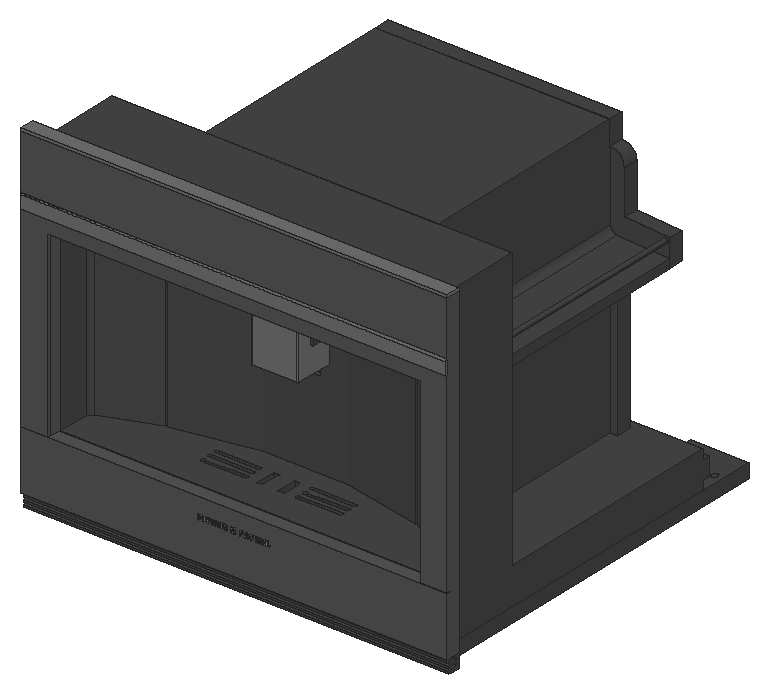
Revit family "FP_Revit_18_EB60DSXBB1_w_TK480NDB1_Coffee_Maker_w_60cm_Trimkit_90000810A", category Specialty Equipment, Revit 2018
Family settings
  Round Connector Dimension = Use Diameter
  Part Type = Normal
  OmniClass Number = 23.40.40.14.17.31
  OmniClass Title = Small Specialized Cooking Equipment
  Work Plane-Based = No
  Always vertical = Yes
  Cut with Voids When Loaded = Yes
  Shared = No
  Room Calculation Point = No
Parameters (values of type "EB60DSXBB1 + TK480NDB1")
  Visibility - Clearance Required = yes
  URL = "www.fisherpaykel.com"
  Product - Width = 596 mm  # constant formula
  Product - Height = 478 mm  # constant formula
  Product - Depth = 614 mm  # constant formula
  Model = "EB60DSXBB1 + TK480NDB1"
  Material - Trim = Fisher & Paykel - Aluminium, Dark
  Material - Glass = Fisher & Paykel - Glass, Black
  Material - Body = Fisher & Paykel - Black
  Manufacturer = "Fisher & Paykel Appliances"
  FFL Offset [instance] = 900 mm
  Description = "60cm Coffee Maker + 60cm Trimkit"
  Connector Description - Electrical = "220-240 V, 50 Hz, 6.1 A"
  Chassis - Width = 560 mm  # constant formula
  Chassis - Height = 466 mm  # constant formula
  Chassis - Depth = 542 mm  # constant formula
  Cavity - Width = 560 mm  # constant formula
  Cavity - Height = 480 mm  # constant formula
  Cavity - Depth = 560 mm  # constant formula
Reference planes
  plane 1 "Datum": y = 0
  plane 2: z = 0
  plane 3 "Center (Left/Right)": x = 0
  plane 4: z = 1380
  plane 5: z = 1378
  plane 6 "Product LHS": x = -298
  plane 7 "Product RHS": x = 298
  plane 8 "Product - Depth": y = 0
  plane 9 "Cavity LHS": x = -300
  plane 10 "Cavity RHS": x = 300
  plane 11 "Cavity - Depth": y = 560
  plane 12 "Chassis - Height": z = 0
  plane 13 "Product Depth": y = 542
  plane 14 "FFL Offset": z = 900
  plane 15 "Front": y = -20
Forms (mm)
  Extrusion 1, void
    sketch origin (0, 0, 0) x (0, 1, 0) y (0, 0, 1)
      loop
        line (-20, 1380) -> (-20, 900) -> (0, 900) -> (0, 1380) -> (-20, 1380)
    from -300 to 300
  Extrusion 2, void
    sketch origin (0, 0, 0) x (0, 1, 0) y (0, 0, 1)
      loop
        line (560, 1380) -> (0, 1380) -> (0, 900) -> (560, 900) -> (560, 1380)
    from -280 to 280
Text (mm)
  text "Due to ongoing product development, product details are subject to change without notice. \nPlease always refer to www.fisherpaykel.com for the most current product information. \n© Fisher & Paykel 2020" at (41.04, -413.295, 0), in view "Ref. Level (Plan)"
Dimensions and locks
  equal spacing: plane 6 "Product LHS", plane 3 "Center (Left/Right)", plane 7 "Product RHS"
  "Product - Width": plane 6 "Product LHS" to plane 7 "Product RHS"
  equal spacing: plane 9 "Cavity LHS", plane 3 "Center (Left/Right)", plane 10 "Cavity RHS"
  locked: plane 9 "Cavity LHS" to plane 10 "Cavity RHS" at 600
  "Chassis - Depth": plane 1 "Datum" to plane 13 "Product Depth"
  "FFL Offset": plane 14 "FFL Offset" to level
  "Cavity - Depth": plane 1 "Datum" to plane 11 "Cavity - Depth"
  "Product - Height": plane 5 to plane 14 "FFL Offset"
  "Cavity - Height": plane 4 to plane 14 "FFL Offset"
  "Cavity - Width": Extrusion 2 to Extrusion 2
  aligned and locked: level to plane 2
  aligned and locked: nested 2 to plane 8 "Product - Depth"
  aligned and locked: Extrusion 1 sketch curve to plane 8 "Product - Depth"
  aligned and locked: plane 14 "FFL Offset" to Extrusion 1 sketch curve
  aligned and locked: Extrusion 1 sketch curve to plane 4
  aligned and locked: Extrusion 1 to plane 10 "Cavity RHS"
  aligned and locked: plane 9 "Cavity LHS" to Extrusion 1
  aligned and locked: Extrusion 2 sketch curve to plane 8 "Product - Depth"
  aligned and locked: Extrusion 2 sketch curve to plane 14 "FFL Offset"
  aligned and locked: plane 11 "Cavity - Depth" to Extrusion 2 sketch curve
  aligned and locked: Extrusion 2 sketch curve to nested 2
  aligned and locked: nested 1 to plane 8 "Product - Depth"
  aligned and locked: Extrusion 1 to nested 1
  aligned and locked: plane 15 "Front" to Extrusion 1
Automatic sketch dimensions
  Extrusion 1 sketch curve to Extrusion 1 sketch curve = 20 mm
Nested families
  nested 1: "FP_Revit_18_EB60DSXBB1_Coffee_Maker_90000810A" at (0, 0, 20), FFL Offset <- "FFL Offset", type "EB60DSXBB1"
    with FFL Offset 900 mm
  nested 2: "FP_Revit_18_TK480ND_Trimkits_90001188A" at (0, 0, 0), FFL Offset <- "FFL Offset", type "TK480NDB1"
    with FFL Offset 900 mm
Connectors
  electrical at (95.857, 430.81, 1063), driven by "Connector Description - Electrical"
    settings: on nested 1, index 1, voltage 230 V, apparent load 0 VA, apparent load phase1 0 VA, apparent load phase2 0 VA, apparent load phase3 0 VA, power factor 1, load classification "Other", number of poles 1, system type 30, power factor state 1, is connector primary yes, connector utility no, sub classification motor no, connector description "220-240 V, 50 Hz, 6.1 A"
Definition of nested family "FP_Revit_18_EB60DSXBB1_Coffee_Maker_90000810A"
  Parameters (values of type "EB24DSXB1")
    Visibility - Clearance Required = yes
    URL = "www.fisherpaykel.com"
    Product - Width = 596 mm  # constant formula
    Product - Height = 458 mm  # constant formula
    Product - Depth = 480 mm  # constant formula
    Model = "EB24DSXB1"
    Material - Trim = none
    Material - Glass = none
    Material - Body = none
    Manufacturer = "Fisher & Paykel Appliances"
    FFL Offset [instance] = 860 mm
    Description = "24cm Coffee Maker"
    Connector Description - Electrical = "120 V, 60 Hz, 11.25 A"
    Chassis - Width = 560 mm  # constant formula
    Chassis - Height = 445 mm  # constant formula
    Chassis - Depth = 460 mm  # constant formula
    Cavity - Width = 600 mm  # constant formula
    Cavity - Height = 460 mm  # constant formula
    Cavity - Depth = 545 mm  # constant formula
  Types (4, lengths in mm): name | Model | Description | Connector Description - Electrical
    EB60DSXBB1 | "EB60DSXBB1" | "60cm Coffee Maker" | "220-240 V, 50 Hz, 6.1 A"
    EB60DSXB2 | "EB60DSXB2" | "60cm Coffee Maker" | "220-240 V, 50 Hz, 6.1 A"
    EB24DSXBB1 | "EB24DSXBB1" | "24cm Coffee Maker" | "120 V, 60 Hz, 11.25 A"
    EB24DSXB1 | "EB24DSXB1" | "24cm Coffee Maker" | "120 V, 60 Hz, 11.25 A"
  Reference planes
    plane 1 "Center (Front/Back)": y = 0
    plane 2: z = 0
    plane 3 "Center (Left/Right)": x = 0
    plane 4: z = 1320
    plane 5: z = 1318
    plane 6 "Product LHS": x = -298
    plane 7 "Product RHS": x = 298
    plane 8 "Cavity LHS": x = -300
    plane 9 "Cavity RHS": x = 300
    plane 10 "Cavity - Depth": y = 545
    plane 11 "Front Face": y = -20
    plane 12 "Product Depth": y = 460
    plane 13 "FFL Offset": z = 860
  Forms (mm)
    Extrusion 1, solid, material <- "Material - Glass", detail levels fine
      sketch origin (0, 0, 915) x (0, 1, 0) y (0, 0, 1)
        loop
          line (0, -54) -> (0, 400) -> (-18.19, 400)
          arc (-18.19, 400) -> (-19.179, 399.792) -> (-20, 399.202) r 2.451
          line (-20, 399.202) -> (-20, 28.9) -> (-13, 28.9) -> (-13, 27.85) -> (-20, 27.85) -> (-20, -54) -> (0, -54)
      from -298 to 298
    Extrusion 2, solid, material <- "Material - Trim", detail levels fine
      sketch origin (0, 0, 0) x (0, 1, 0) y (0, 0, 1)
        loop
          line (0, 1318) -> (-20, 1318) -> (-20, 1315) -> (0, 1315) -> (0, 1318)
      from -298 to 298
    Extrusion 3, solid, material <- "Material - Trim", detail levels fine
      sketch origin (0, 0, 915) x (0, 1, 0) y (0, 0, 1)
        loop
          line (-20, 303) -> (-20, 322.8) -> (-20.827, 322.8) -> (-21.702, 320.52) -> (-21.702, 303) -> (-20, 303)
      from -298 to 298
    Extrusion 4, solid, material <- "Material - Body"
      sketch origin (0, 0, 0) x (0, 1, 0) y (0, 0, 1)
        loop
          line (116.01, 911.9) -> (116.01, 1305) -> (0, 1305) -> (0, 860) -> (450.02, 860) -> (450.02, 872.9) -> (460, 872.9) -> (460, 898.96) -> (450.02, 898.96) -> (450.02, 911.9) -> (116.01, 911.9)
      from -280 to 280
    Extrusion 5, solid, material <- "Material - Body", detail levels fine
      sketch origin (0, 0, 915) x (1, 0, 0) y (0, 0, 1)
        loop
          circle (255.488, 264.858) r 3
        loop
          arc (187.564, 248.08) -> (180.801, 250.881) -> (178, 257.644) r 9.564
          line (178, 257.644) -> (178, 390) -> (-150, 390) -> (-150, 258.403)
          arc (-150, 258.403) -> (-152.821, 251.442) -> (-159.691, 248.408) r 10
          line (-159.691, 248.408) -> (-261.967, 245.247) -> (-261.967, 232.285) -> (-159.605, 228.24)
          arc (-159.605, 228.24) -> (-152.791, 225.178) -> (-150, 218.248) r 10
          line (-150, 218.248) -> (-150, -3.1) -> (178, -3.1) -> (178, 219.061)
          arc (178, 219.061) -> (180.801, 225.824) -> (187.564, 228.625) r 9.564
          line (187.564, 228.625) -> (261.48, 231.852) -> (261.48, 244.856) -> (187.564, 248.08)
        loop
          circle (-255.488, 265.27) r 3
      from -415.81 to -116.01
    Extrusion 6, solid, material <- "Material - Body", detail levels fine
      sketch origin (0, 0, 0) x (1, 0, 0) y (0, 0, 1)
        loop
          line (261.48, 1185.549) -> (197.977, 1189.414) -> (197.977, 1250.8)
          arc (197.977, 1250.8) -> (192.126, 1264.926) -> (178, 1270.777) r 19.977
          line (178, 1270.777) -> (178, 1305) -> (-150.023, 1305) -> (-150.023, 1270.366)
          arc (-150.023, 1270.366) -> (-164.149, 1264.514) -> (-170, 1250.389) r 19.977
          line (-170, 1250.389) -> (-170, 1189.558) -> (-261.967, 1185.943) -> (-261.967, 1147.299) -> (-170, 1143.699) -> (-170, 860) -> (-120, 860) -> (-120, 1262.538) -> (145.224, 1262.538) -> (145.224, 911.9) -> (188.072, 911.9) -> (188.072, 1143.699) -> (261.48, 1146.905) -> (261.48, 1185.549)
      from -436.81 to -415.81
    Extrusion 7, void
      sketch origin (0, 0, 0) x (1, 0, 0) y (0, 1, 0)
        loop
          line (-261, -20.25) -> (261, -20.25) -> (261, -16.15) -> (258.097, 43.307)
          arc (258.097, 43.307) -> (256.532, 47.844) -> (252.912, 50.994) r 9.287
          arc (252.912, 50.994) -> (215.2, 66.982) -> (176.484, 80.359) r 600.007
          line (176.484, 80.359) -> (176.484, 87.818) -> (173.853, 87.818) -> (173.853, 81.162)
          arc (173.853, 81.162) -> (0, 106.902) -> (-173.853, 81.162) r 600.007
          line (-173.853, 81.162) -> (-173.853, 87.818) -> (-176.484, 87.818) -> (-176.484, 80.359)
          arc (-176.484, 80.359) -> (-215.2, 66.982) -> (-252.912, 50.994) r 600.007
          arc (-252.912, 50.994) -> (-256.532, 47.844) -> (-258.097, 43.307) r 9.287
          line (-258.097, 43.307) -> (-261, -16.15) -> (-261, -20.25)
      from 942.8 to 1197.8
    Extrusion 8, void
      sketch origin (0, 0, 0) x (1, 0, 0) y (0, 1, 0)
        loop
          arc (-96.162, 73.7) -> (-99.162, 70.7) -> (-96.162, 67.7) r 3
          line (-96.162, 67.7) -> (-36.788, 67.7)
          arc (-36.788, 67.7) -> (-33.788, 70.7) -> (-36.788, 73.7) r 3
          line (-36.788, 73.7) -> (-96.162, 73.7)
        loop
          arc (-96.162, 61.7) -> (-99.162, 58.7) -> (-96.162, 55.7) r 3
          line (-96.162, 55.7) -> (-36.788, 55.7)
          arc (-36.788, 55.7) -> (-33.788, 58.7) -> (-36.788, 61.7) r 3
          line (-36.788, 61.7) -> (-96.162, 61.7)
        loop
          arc (-96.162, 49.7) -> (-99.162, 46.7) -> (-96.162, 43.7) r 3
          line (-96.162, 43.7) -> (-36.788, 43.7)
          arc (-36.788, 43.7) -> (-33.788, 46.7) -> (-36.788, 49.7) r 3
          line (-36.788, 49.7) -> (-96.162, 49.7)
        loop
          line (-19.49, 73.102) -> (-19.49, 44.102) -> (-10.49, 44.102) -> (-10.49, 73.102) -> (-19.49, 73.102)
        loop
          line (96.162, 73.7) -> (36.788, 73.7)
          arc (36.788, 73.7) -> (33.788, 70.7) -> (36.788, 67.7) r 3
          line (36.788, 67.7) -> (96.162, 67.7)
          arc (96.162, 67.7) -> (99.162, 70.7) -> (96.162, 73.7) r 3
        loop
          line (96.162, 61.7) -> (36.788, 61.7)
          arc (36.788, 61.7) -> (33.788, 58.7) -> (36.788, 55.7) r 3
          line (36.788, 55.7) -> (96.162, 55.7)
          arc (96.162, 55.7) -> (99.162, 58.7) -> (96.162, 61.7) r 3
        loop
          line (96.162, 49.7) -> (36.788, 49.7)
          arc (36.788, 49.7) -> (33.788, 46.7) -> (36.788, 43.7) r 3
          line (36.788, 43.7) -> (96.162, 43.7)
          arc (96.162, 43.7) -> (99.162, 46.7) -> (96.162, 49.7) r 3
        loop
          line (19.49, 73.102) -> (10.49, 73.102) -> (10.49, 44.102) -> (19.49, 44.102) -> (19.49, 73.102)
      from 932.9 to 942.8
    Extrusion 9, solid, material <- "Material - Body"
      sketch origin (0, 0, 0) x (1, 0, 0) y (0, 1, 0)
        loop
          line (-238.877, 57.3) -> (238.036, 57.3) -> (238.036, 116.01) -> (-238.877, 116.01) -> (-238.877, 57.3)
      from 1171.8 to 1197.8
    Extrusion 10, solid, material <- "Material - Trim"
      sketch origin (0, 0, 0) x (1, 0, 0) y (0, 1, 0)
        loop
          line (-33, 105.99) -> (-33, 52.807)
          arc (-33, 52.807) -> (-32.412, 51.388) -> (-30.993, 50.8) r 2.007
          line (-30.993, 50.8) -> (31, 50.8)
          arc (31, 50.8) -> (32.414, 51.386) -> (33, 52.8) r 2
          line (33, 52.8) -> (33, 105.99) -> (-33, 105.99)
      from 1083.8 to 1183.5
    Extrusion 11, void
      sketch origin (0, 0, 0) x (1, 0, 0) y (0, 0, 1)
        loop
          line (-19.5, 1083.8) -> (-19.5, 1061.827) -> (19.5, 1061.827) -> (19.5, 1083.8) -> (-19.5, 1083.8)
      from -115 to -105
    Extrusion 12, solid, material <- "Material - Body", detail levels fine
      sketch origin (0, 0, 0) x (1, 0, 0) y (0, 0, 1)
        loop
          line (45.9, 1172.885) -> (45.9, 1163.535) -> (47.549, 1163.535) -> (47.549, 1147.911)
          arc (47.549, 1147.911) -> (55.35, 1140.11) -> (63.15, 1147.911) r 7.801
          line (63.15, 1147.911) -> (63.15, 1163.235) -> (73.436, 1163.235) -> (73.436, 1172.885) -> (45.9, 1172.885)
      from -106.934 to -61.01
    Extrusion 13, solid, material <- "Material - Body", detail levels fine
      sketch origin (0, 0, 915) x (1, 0, 0) y (0, 0, 1)
        loop
          line (53.653, 257.885) -> (53.653, 225.297)
          arc (53.653, 225.297) -> (55.35, 225.11) -> (57.047, 225.297) r 7.805
          line (57.047, 225.297) -> (57.047, 257.885) -> (53.653, 257.885)
      from -61.01 to -47.51
    Extrusion 14, solid, material <- "Material - Body", detail levels fine
      sketch origin (0, 0, 915) x (1, 0, 0) y (0, 0, 1)
        loop
          line (115.224, 76.056) -> (75.224, 76.056) -> (75.224, 21.056) -> (115.224, 21.056) -> (115.224, 76.056)
      from -417 to -415.81
    Extrusion 15, solid, material <- "Material - Body", detail levels fine
      sketch origin (0, 0, 915) x (1, 0, 0) y (0, 0, 1)
        loop
          line (107.224, 68.056) -> (83.224, 68.056) -> (83.224, 29.056) -> (107.224, 29.056) -> (107.224, 68.056)
      from -436.81 to -417
    Extrusion 16, solid, material <- "Material - Body", detail levels fine
      sketch origin (0, 0, 0) x (1, 0, 0) y (0, 1, 0)
        loop
          circle (95.857, 430.81) r 5
      from 983.056 to 1003
    Extrusion 17, void
      sketch origin (0, 0, 915) x (0, 1, 0) y (0, 0, 1)
        loop
          line (445.9, -19.903) -> (0, -19.903) -> (0, -55) -> (445.9, -55) -> (445.9, -19.903)
      from -54 to 54
    Extrusion 18, solid, detail levels fine
      sketch origin (0, 0, 0) x (1, 0, 0) y (0, 1, 0)
        loop
          line (-210.55, 31.63) -> (-210.55, 5.8) -> (-193.27, 5.8) -> (-193.27, 31.63) -> (-210.55, 31.63)
        loop
          line (-203.25, 13.924) -> (-203.25, 14.725)
          arc (-203.25, 14.725) -> (-201.75, 22.856) -> (-200.25, 14.725) r 4.204
          line (-200.25, 14.725) -> (-200.25, 13.924)
          arc (-200.25, 13.924) -> (-201.75, 23.687) -> (-203.25, 13.924) r 4.997
        loop
          line (-202.15, 17.61) -> (-202.15, 12.8) -> (-201.35, 12.8) -> (-201.35, 17.61) -> (-202.15, 17.61)
      from 1196.9 to 1197.8
    Extrusion 19, solid, visible <- "Visibility - Clearance Required", detail levels coarse
      sketch origin (0, 0, 0) x (1, 0, 0) y (0, 1, 0)
        loop
          line (-300, 0) -> (-300, -20) -> (300, -20) -> (300, 0) -> (-300, 0)
      from 860 to 1320
    Extrusion 20, solid, visible <- "Visibility - Clearance Required", detail levels coarse
      sketch origin (0, 0, 0) x (1, 0, 0) y (0, 1, 0)
        loop
          line (-280, 0) -> (280, 0) -> (280, 545) -> (-280, 545) -> (-280, 0)
      from 860 to 1310
    Extrusion 21, solid, material <- "Material - Body", detail levels coarse+medium
      sketch origin (0, -20, 915) x (-1, 0, 0) y (0, 0, 1)
        loop
          line (-197.977, 274.414) -> (-261.48, 274.414) -> (-261.48, 228.699) -> (-188.072, 228.699) -> (-188.072, -3.1) -> (170, -3.1) -> (170, 228.699) -> (261.967, 228.699) -> (261.967, 274.558) -> (170, 274.558) -> (170, 390.05) -> (-197.977, 390.05) -> (-197.977, 274.414)
      from 136.01 to 456.81
    Extrusion 22, solid, material <- "Material - Glass", detail levels coarse+medium
      sketch origin (0, 0, 915) x (1, 0, 0) y (0, 0, 1)
        loop
          line (-298, -54) -> (298, -54) -> (298, 403) -> (-298, 403) -> (-298, -54)
        loop
          line (261, 282.85) -> (-261, 282.85) -> (-261, 27.85) -> (261, 27.85) -> (261, 282.85)
      from 0 to 20
    Extrusion 23, void
      sketch origin (0, 0, 0) x (1, 0, 0) y (0, 1, 0)
        loop
          line (-280, 545) -> (-280, 0) -> (280, 0) -> (280, 545) -> (-280, 545)
      from 860 to 1310
    Extrusion 24, void
      sketch origin (0, 0, 0) x (1, 0, 0) y (0, 1, 0)
        loop
          line (-300, 0) -> (-300, -20) -> (300, -20) -> (300, 0) -> (-300, 0)
      from 860 to 1320
  Cuts and joins
    Extrusion 7 cuts Extrusion 1
    Extrusion 7, Extrusion 8, Extrusion 11, Extrusion 17 cuts Extrusion 4
    joined: Extrusion 4, Extrusion 9
  Lines and regions (mm)
    model lines, detail levels medium+fine
      curve 1: line (-47, -20, 1293.952) -> (47, -20, 1293.952)
      curve 2: line (-47, -20, 1240.952) -> (-47, -20, 1293.952)
      curve 3: line (47, -20, 1240.952) -> (-47, -20, 1240.952)
      curve 4: line (47, -20, 1293.952) -> (47, -20, 1240.952)
  Text (mm)
    text "Due to ongoing product development, product details are subject to change without notice. \nPlease always refer to www.fisherpaykel.com for the most current product information. \n© Fisher & Paykel 2020" at (41.04, -248.295, 0), in view "Ref. Level (Plan)"
  Dimensions and locks
    equal spacing: plane 6 "Product LHS", plane 3 "Center (Left/Right)", plane 7 "Product RHS"
    "Product - Width": plane 6 "Product LHS" to plane 7 "Product RHS"
    equal spacing: plane 8 "Cavity LHS", plane 3 "Center (Left/Right)", plane 9 "Cavity RHS"
    "Cavity - Width": plane 8 "Cavity LHS" to plane 9 "Cavity RHS"
    "Cavity - Depth": plane 10 "Cavity - Depth" to plane 1 "Center (Front/Back)"
    plane 11 "Front Face" to plane 1 "Center (Front/Back)" = 20 mm
    "Chassis - Depth": plane 1 "Center (Front/Back)" to plane 12 "Product Depth"
    "Product - Depth": plane 12 "Product Depth" to plane 11 "Front Face"
    "Chassis - Width": cut or joined group of Extrusion 4, Extrusion 7, Extrusion 8, Extrusion 9, Extrusion 11, Extrusion 17 to cut or joined group of Extrusion 4, Extrusion 7, Extrusion 8, Extrusion 9, Extrusion 11, Extrusion 17
    "FFL Offset": plane 13 "FFL Offset" to level
    "Chassis - Height": cut or joined group of Extrusion 4, Extrusion 7, Extrusion 8, Extrusion 9, Extrusion 11, Extrusion 17 to plane 13 "FFL Offset"
    "Product - Height": plane 5 to plane 13 "FFL Offset"
    "Cavity - Height": plane 4 to plane 13 "FFL Offset"
    locked: Extrusion 23 to plane 13 "FFL Offset" at 450
    locked: plane 5 to Extrusion 21 at 12.95
    locked: Extrusion 3 to plane 13 "FFL Offset" at 358
    locked: plane 13 "FFL Offset" to cut or joined group of Extrusion 1, Extrusion 7 at 1
    locked: plane 13 "FFL Offset" to cut or joined group of Extrusion 4, Extrusion 7, Extrusion 8, Extrusion 9, Extrusion 11, Extrusion 17 at 82.8
    locked: plane 13 "FFL Offset" to Extrusion 22 sketch curve at 337.85
    locked: cut or joined group of Extrusion 4, Extrusion 7, Extrusion 8, Extrusion 9, Extrusion 11, Extrusion 17 to plane 13 "FFL Offset" at 337.8
    locked: cut or joined group of Extrusion 4, Extrusion 7, Extrusion 8, Extrusion 9, Extrusion 11, Extrusion 17 to plane 13 "FFL Offset" at 51.9
    locked: plane 5 to Extrusion 3 at 100
    locked: plane 5 to Extrusion 22 at 120.15
    locked: plane 5 to Extrusion 22 at 375.15
    locked: Extrusion 16 to plane 13 "FFL Offset" at 143
    locked: cut or joined group of Extrusion 4, Extrusion 7, Extrusion 8, Extrusion 9, Extrusion 11, Extrusion 17 to cut or joined group of Extrusion 4, Extrusion 7, Extrusion 8, Extrusion 9, Extrusion 11, Extrusion 17 at 9.9
    locked: nested 1 to plane 13 "FFL Offset" at 61.04
    locked: Extrusion 10 to plane 13 "FFL Offset" at 323.5
    locked: Extrusion 10 to plane 13 "FFL Offset" at 223.8
    locked: cut or joined group of Extrusion 4, Extrusion 7, Extrusion 8, Extrusion 9, Extrusion 11, Extrusion 17 to plane 13 "FFL Offset" at 201.827
    locked: cut or joined group of Extrusion 4, Extrusion 7, Extrusion 8, Extrusion 9, Extrusion 11, Extrusion 17 to plane 13 "FFL Offset" at 311.8
    locked: Extrusion 12 to plane 13 "FFL Offset" at 312.885
    locked: Extrusion 22 to Extrusion 18 at 0.95
    locked: plane 5 to Extrusion 23 at 8
    locked: Extrusion 17 sketch curve to plane 13 "FFL Offset" at 35.097
    plane 5 to curve 3 = 77.048 mm
    locked: plane 5 to curve 1 at 24.048
    locked: Extrusion 15 to plane 13 "FFL Offset" at 84.056
    locked: Extrusion 15 to plane 13 "FFL Offset" at 123.056
    locked: plane 5 to curve 3 at 77.048
    aligned and locked: level to plane 2
    aligned and locked: Extrusion 3 to plane 7 "Product RHS"
    aligned and locked: plane 6 "Product LHS" to Extrusion 3
    aligned and locked: Extrusion 2 to plane 7 "Product RHS"
    aligned and locked: plane 6 "Product LHS" to Extrusion 2
    aligned and locked: plane 6 "Product LHS" to Extrusion 1
    aligned and locked: Extrusion 1 to plane 7 "Product RHS"
    aligned and locked: plane 9 "Cavity RHS" to Extrusion 19 sketch curve
    aligned and locked: Extrusion 19 sketch curve to plane 8 "Cavity LHS"
    aligned and locked: plane 1 "Center (Front/Back)" to Extrusion 19 sketch curve
    aligned and locked: Extrusion 5 to cut or joined group of Extrusion 4, Extrusion 7, Extrusion 8, Extrusion 9, Extrusion 11, Extrusion 17
    aligned and locked: Extrusion 5 to Extrusion 4
    aligned and locked: Extrusion 6 to Extrusion 5
    aligned and locked: plane 4 to Extrusion 24
    aligned and locked: plane 5 to Extrusion 2
    aligned and locked: Extrusion 24 to Extrusion 19
    aligned and locked: plane 5 to Extrusion 22 sketch curve
    aligned and locked: Extrusion 21 to Extrusion 5
    aligned and locked: Extrusion 5 to Extrusion 6
    aligned and locked: Extrusion 8 to Extrusion 7
    aligned and locked: Extrusion 11 to Extrusion 10
    aligned and locked: cut or joined group of Extrusion 1, Extrusion 7 to Extrusion 18
    aligned and locked: Extrusion 19 to Extrusion 17
    aligned and locked: plane 13 "FFL Offset" to Extrusion 4 sketch curve
    aligned and locked: Extrusion 4 to Extrusion 17
    aligned and locked: Extrusion 23 to cut or joined group of Extrusion 4, Extrusion 7, Extrusion 8, Extrusion 9, Extrusion 11, Extrusion 17
    aligned and locked: cut or joined group of Extrusion 4, Extrusion 7, Extrusion 8, Extrusion 9, Extrusion 11, Extrusion 17 to Extrusion 6
    aligned and locked: Extrusion 24 to cut or joined group of Extrusion 4, Extrusion 7, Extrusion 8, Extrusion 9, Extrusion 11, Extrusion 17
    aligned and locked: Extrusion 20 to Extrusion 23
    aligned and locked: Extrusion 20 to Extrusion 6
    aligned and locked: Extrusion 7 to Extrusion 9
    aligned and locked: Extrusion 16 to Extrusion 15
  Automatic sketch dimensions
    Extrusion 3 sketch curve to Extrusion 3 sketch curve = 17.52 mm
    Extrusion 3 sketch curve to Extrusion 3 sketch curve = 0.875 mm
    Extrusion 3 sketch curve to Extrusion 3 sketch curve = 0.827 mm
    Extrusion 3 sketch curve to Extrusion 3 sketch curve = 2.28 mm
    Extrusion 7 sketch curve to Extrusion 7 sketch curve = 0 mm  (x4)
    Extrusion 7 sketch curve to plane 3 "Center (Left/Right)" = 0 mm
    Extrusion 7 sketch curve to plane 6 "Product LHS" = 124.147 mm
    Extrusion 7 sketch curve to Extrusion 7 sketch curve = 2.63 mm  (x2)
    Extrusion 7 sketch curve to plane 6 "Product LHS" = 49.167 mm
    Extrusion 7 sketch curve to Extrusion 7 sketch curve = 9.264 mm  (x2)
    Extrusion 7 sketch curve to plane 6 "Product LHS" = 37 mm
    plane 7 "Product RHS" to Extrusion 7 sketch curve = 124.147 mm
    plane 7 "Product RHS" to Extrusion 7 sketch curve = 49.167 mm
    plane 1 "Center (Front/Back)" to Extrusion 7 sketch curve = 16.15 mm
    plane 7 "Product RHS" to Extrusion 7 sketch curve = 37 mm
    plane 1 "Center (Front/Back)" to Extrusion 7 sketch curve = 493.105 mm
    Extrusion 7 sketch curve to plane 1 "Center (Front/Back)" = 42.65 mm  (x2)
    Extrusion 7 sketch curve to Extrusion 7 sketch curve = 0.657 mm  (x2)
    Extrusion 7 sketch curve to plane 1 "Center (Front/Back)" = 80.359 mm  (x2)
    Extrusion 7 sketch curve to Extrusion 7 sketch curve = 0.803 mm
    Extrusion 7 sketch curve to Extrusion 7 sketch curve = 6.656 mm  (x2)
    Extrusion 7 sketch curve to Extrusion 7 sketch curve = 4.1 mm  (x2)
    Extrusion 8 sketch curve to plane 3 "Center (Left/Right)" = 96.162 mm
    Extrusion 8 sketch curve to Extrusion 8 sketch curve = 0 mm  (x9)
    Extrusion 8 sketch curve to plane 3 "Center (Left/Right)" = 36.788 mm
    Extrusion 8 sketch curve to Extrusion 8 sketch curve = 17.298 mm  (x3)
    Extrusion 8 sketch curve to Extrusion 8 sketch curve = 9 mm  (x2)
    plane 3 "Center (Left/Right)" to Extrusion 8 sketch curve = 10.49 mm
    Extrusion 8 sketch curve to Extrusion 8 sketch curve = 59.375 mm
    Extrusion 8 sketch curve to plane 1 "Center (Front/Back)" = 43.7 mm  (x2)
    Extrusion 8 sketch curve to Extrusion 8 sketch curve = 0.402 mm
    Extrusion 8 sketch curve to Extrusion 8 sketch curve = 3 mm  (x6)
    Extrusion 8 sketch curve to Extrusion 8 sketch curve = 6 mm  (x4)
    Extrusion 8 sketch curve to Extrusion 8 sketch curve = 0.598 mm
    Extrusion 10 sketch curve to Extrusion 10 sketch curve = 2.007 mm
    Extrusion 10 sketch curve to Extrusion 10 sketch curve = 53.19 mm
    Extrusion 11 sketch curve to plane 3 "Center (Left/Right)" = 19.5 mm
    plane 3 "Center (Left/Right)" to Extrusion 11 sketch curve = 19.5 mm
    level to Extrusion 11 sketch curve = 1061.827 mm
    Extrusion 11 sketch curve to Extrusion 11 sketch curve = 21.973 mm
    Extrusion 12 sketch curve to Extrusion 12 sketch curve = 1.649 mm
    Extrusion 12 sketch curve to Extrusion 12 sketch curve = 7.801 mm
    Extrusion 12 sketch curve to Extrusion 12 sketch curve = 10.286 mm
    Extrusion 12 sketch curve to Extrusion 12 sketch curve = 15.324 mm
    Extrusion 12 sketch curve to Extrusion 12 sketch curve = 0.3 mm
    Extrusion 12 sketch curve to Extrusion 12 sketch curve = 9.35 mm
    Extrusion 13 sketch curve to Extrusion 13 sketch curve = 1.697 mm
    Extrusion 13 sketch curve to Extrusion 13 sketch curve = 7.618 mm
    Extrusion 13 sketch curve to Extrusion 13 sketch curve = 24.97 mm
    Extrusion 13 sketch curve to Extrusion 13 sketch curve = 3.394 mm
    Extrusion 14 sketch curve to Extrusion 14 sketch curve = 40 mm
    Extrusion 14 sketch curve to Extrusion 14 sketch curve = 55 mm
    Extrusion 15 sketch curve to Extrusion 15 sketch curve = 24 mm
    Extrusion 15 sketch curve to Extrusion 15 sketch curve = 39 mm
    level to Extrusion 17 sketch curve = 860 mm
    Extrusion 17 sketch curve to plane 1 "Center (Front/Back)" = 0 mm
    Extrusion 18 sketch curve to Extrusion 18 sketch curve = 7.3 mm
    Extrusion 18 sketch curve to Extrusion 18 sketch curve = 1.1 mm  (x2)
    Extrusion 18 sketch curve to Extrusion 18 sketch curve = 0.4 mm
    Extrusion 18 sketch curve to Extrusion 18 sketch curve = 0 mm
    Extrusion 18 sketch curve to Extrusion 18 sketch curve = 0.8 mm
    Extrusion 18 sketch curve to Extrusion 18 sketch curve = 8.08 mm
    Extrusion 18 sketch curve to Extrusion 18 sketch curve = 7 mm
    Extrusion 18 sketch curve to Extrusion 18 sketch curve = 1.124 mm
    Extrusion 18 sketch curve to Extrusion 18 sketch curve = 0.801 mm
    Extrusion 18 sketch curve to Extrusion 18 sketch curve = 2.885 mm
    Extrusion 18 sketch curve to Extrusion 18 sketch curve = 1.042 mm
    Extrusion 18 sketch curve to Extrusion 18 sketch curve = 0.038 mm
    Extrusion 18 sketch curve to Extrusion 18 sketch curve = 12.94 mm
    Extrusion 9 sketch curve to plane 6 "Product LHS" = 59.123 mm
    Extrusion 9 sketch curve to plane 1 "Center (Front/Back)" = 57.3 mm
    plane 7 "Product RHS" to Extrusion 9 sketch curve = 59.964 mm
    Extrusion 9 sketch curve to Extrusion 9 sketch curve = 58.71 mm
    plane 1 "Center (Front/Back)" to Extrusion 19 sketch curve = 20 mm
    Extrusion 17 sketch curve to plane 10 "Cavity - Depth" = 99.1 mm
    Extrusion 6 sketch curve to plane 6 "Product LHS" = 36.033 mm
    level to Extrusion 6 sketch curve = 860 mm
    Extrusion 6 sketch curve to plane 6 "Product LHS" = 128 mm
    Extrusion 6 sketch curve to Extrusion 6 sketch curve = 0 mm
    Extrusion 6 sketch curve to Extrusion 6 sketch curve = 19.977 mm
    Extrusion 6 sketch curve to Extrusion 6 sketch curve = 30.023 mm
    level to Extrusion 6 sketch curve = 911.9 mm
    plane 3 "Center (Left/Right)" to Extrusion 6 sketch curve = 145.224 mm
    Extrusion 6 sketch curve to plane 5 = 13 mm
    Extrusion 6 sketch curve to Extrusion 6 sketch curve = 32.776 mm
    Extrusion 6 sketch curve to Extrusion 6 sketch curve = 10.072 mm
    Extrusion 6 sketch curve to Extrusion 6 sketch curve = 9.905 mm
    plane 7 "Product RHS" to Extrusion 6 sketch curve = 36.52 mm
    Extrusion 6 sketch curve to Extrusion 6 sketch curve = 161.301 mm  (x2)
    Extrusion 6 sketch curve to Extrusion 6 sketch curve = 3.205 mm
    Extrusion 6 sketch curve to Extrusion 6 sketch curve = 3.6 mm
    Extrusion 6 sketch curve to Extrusion 6 sketch curve = 38.645 mm
    Extrusion 6 sketch curve to Extrusion 6 sketch curve = 38.644 mm
    Extrusion 6 sketch curve to Extrusion 6 sketch curve = 45.715 mm
    Extrusion 6 sketch curve to Extrusion 6 sketch curve = 45.858 mm
    Extrusion 6 sketch curve to Extrusion 6 sketch curve = 54.611 mm
    Extrusion 6 sketch curve to Extrusion 6 sketch curve = 54.2 mm
    Extrusion 6 sketch curve to Extrusion 6 sketch curve = 7.828 mm
    Extrusion 5 sketch curve to plane 6 "Product LHS" = 36.033 mm
    Extrusion 5 sketch curve to Extrusion 5 sketch curve = 6.478 mm
    Extrusion 5 sketch curve to Extrusion 5 sketch curve = 95.488 mm
    Extrusion 5 sketch curve to Extrusion 5 sketch curve = 0.309 mm  (x2)
    Extrusion 5 sketch curve to Extrusion 5 sketch curve = 0.395 mm
    Extrusion 5 sketch curve to Extrusion 5 sketch curve = 10 mm  (x2)
    plane 7 "Product RHS" to Extrusion 5 sketch curve = 120 mm  (x2)
    Extrusion 5 sketch curve to plane 5 = 13 mm
    Extrusion 5 sketch curve to Extrusion 5 sketch curve = 9.564 mm  (x2)
    plane 7 "Product RHS" to Extrusion 5 sketch curve = 42.512 mm
    Extrusion 5 sketch curve to Extrusion 5 sketch curve = 5.992 mm
    Extrusion 5 sketch curve to Extrusion 5 sketch curve = 171.752 mm
    Extrusion 5 sketch curve to Extrusion 5 sketch curve = 170.939 mm
    Extrusion 5 sketch curve to Extrusion 5 sketch curve = 3.227 mm
    Extrusion 5 sketch curve to Extrusion 5 sketch curve = 4.045 mm
    Extrusion 5 sketch curve to Extrusion 5 sketch curve = 13.004 mm
    Extrusion 5 sketch curve to Extrusion 5 sketch curve = 12.962 mm
    Extrusion 5 sketch curve to Extrusion 5 sketch curve = 20.168 mm
    Extrusion 5 sketch curve to Extrusion 5 sketch curve = 19.455 mm
    Extrusion 5 sketch curve to Extrusion 5 sketch curve = 20.001 mm
    Extrusion 5 sketch curve to Extrusion 5 sketch curve = 20.023 mm
    Extrusion 20 sketch curve to plane 10 "Cavity - Depth" = 0 mm
    plane 1 "Center (Front/Back)" to Extrusion 20 sketch curve = 0 mm
    Extrusion 20 sketch curve to plane 6 "Product LHS" = 18 mm
    plane 7 "Product RHS" to Extrusion 20 sketch curve = 18 mm
    level to Extrusion 5 sketch curve = 911.9 mm
    Extrusion 21 sketch curve to plane 5 = 12.95 mm
    plane 7 "Product RHS" to Extrusion 21 sketch curve = 100.023 mm
    Extrusion 21 sketch curve to Extrusion 21 sketch curve = 9.905 mm
    level to Extrusion 21 sketch curve = 911.9 mm
    Extrusion 21 sketch curve to plane 6 "Product LHS" = 128 mm  (x2)
    Extrusion 21 sketch curve to plane 6 "Product LHS" = 36.033 mm
    Extrusion 21 sketch curve to Extrusion 21 sketch curve = 161.351 mm  (x2)
    Extrusion 21 sketch curve to Extrusion 21 sketch curve = 45.858 mm
    plane 7 "Product RHS" to Extrusion 21 sketch curve = 36.52 mm
    Extrusion 21 sketch curve to Extrusion 21 sketch curve = 45.715 mm
    Extrusion 1 sketch curve to plane 11 "Front Face" = 0 mm  (x2)
    Extrusion 1 sketch curve to plane 1 "Center (Front/Back)" = 0 mm
    plane 11 "Front Face" to Extrusion 1 sketch curve = 1.81 mm
    plane 11 "Front Face" to Extrusion 1 sketch curve = 7 mm
    level to Extrusion 1 sketch curve = 861 mm
    Extrusion 1 sketch curve to Extrusion 1 sketch curve = 81.85 mm
    Extrusion 1 sketch curve to Extrusion 1 sketch curve = 1.05 mm
    Extrusion 1 sketch curve to plane 5 = 3 mm
    Extrusion 1 sketch curve to Extrusion 1 sketch curve = 2.451 mm
    Extrusion 23 sketch curve to plane 1 "Center (Front/Back)" = 0 mm
    plane 10 "Cavity - Depth" to Extrusion 23 sketch curve = 0 mm
    Extrusion 23 sketch curve to plane 6 "Product LHS" = 18 mm
    plane 7 "Product RHS" to Extrusion 23 sketch curve = 18 mm
    Extrusion 24 sketch curve to plane 8 "Cavity LHS" = 0 mm
    Extrusion 24 sketch curve to plane 9 "Cavity RHS" = 0 mm
    Extrusion 24 sketch curve to plane 1 "Center (Front/Back)" = 0 mm
    Extrusion 24 sketch curve to plane 11 "Front Face" = 0 mm
    Extrusion 2 sketch curve to plane 11 "Front Face" = 0 mm
    Extrusion 2 sketch curve to plane 1 "Center (Front/Back)" = 0 mm
    plane 13 "FFL Offset" to Extrusion 2 sketch curve = 455 mm
    Extrusion 2 sketch curve to Extrusion 2 sketch curve = 3 mm
    Extrusion 10 sketch curve to Extrusion 10 sketch curve = 61.993 mm
    Extrusion 10 sketch curve to Extrusion 10 sketch curve = 2 mm
    plane 6 "Product LHS" to Extrusion 22 sketch curve = 0 mm
    plane 7 "Product RHS" to Extrusion 22 sketch curve = 0 mm
    Extrusion 22 sketch curve to plane 6 "Product LHS" = 37 mm
    plane 7 "Product RHS" to Extrusion 22 sketch curve = 37 mm
    plane 13 "FFL Offset" to Extrusion 22 sketch curve = 82.85 mm
    plane 13 "FFL Offset" to Extrusion 22 sketch curve = 1 mm
    Extrusion 3 sketch curve to plane 11 "Front Face" = 0 mm
    Extrusion 3 sketch curve to plane 5 = 100 mm
    Extrusion 10 sketch curve to plane 3 "Center (Left/Right)" = 33 mm
    Extrusion 10 sketch curve to plane 1 "Center (Front/Back)" = 50.8 mm
    plane 3 "Center (Left/Right)" to Extrusion 12 sketch curve = 45.9 mm
    Extrusion 12 sketch curve to plane 5 = 170.089 mm
    plane 3 "Center (Left/Right)" to Extrusion 13 sketch curve = 53.653 mm
    Extrusion 13 sketch curve to plane 5 = 177.703 mm
    plane 3 "Center (Left/Right)" to Extrusion 14 sketch curve = 75.224 mm
    plane 13 "FFL Offset" to Extrusion 14 sketch curve = 76.056 mm
    plane 3 "Center (Left/Right)" to Extrusion 15 sketch curve = 83.224 mm
    plane 13 "FFL Offset" to Extrusion 15 sketch curve = 84.056 mm
    Extrusion 16 sketch curve to plane 12 "Product Depth" = 29.19 mm
    plane 3 "Center (Left/Right)" to Extrusion 16 sketch curve = 95.857 mm
    Extrusion 18 sketch curve to plane 1 "Center (Front/Back)" = 5.8 mm
    Extrusion 18 sketch curve to plane 6 "Product LHS" = 87.45 mm
    Extrusion 4 sketch curve to plane 1 "Center (Front/Back)" = 0 mm
    Extrusion 4 sketch curve to plane 12 "Product Depth" = 0 mm
    Extrusion 4 sketch curve to plane 5 = 13 mm
    Extrusion 4 sketch curve to plane 1 "Center (Front/Back)" = 116.01 mm
    Extrusion 4 sketch curve to plane 12 "Product Depth" = 9.98 mm
    Extrusion 4 sketch curve to Extrusion 4 sketch curve = 9.98 mm
    plane 13 "FFL Offset" to Extrusion 4 sketch curve = 12.9 mm
    Extrusion 4 sketch curve to Extrusion 4 sketch curve = 26.06 mm
    plane 13 "FFL Offset" to Extrusion 4 sketch curve = 51.9 mm
    plane 3 "Center (Left/Right)" to curve 1 = 47 mm
    curve 3 to plane 3 "Center (Left/Right)" = 47 mm
    radius of Extrusion 16 sketch curve = 5 mm
    radius of Extrusion 5 sketch curve = 3 mm  (x2)
  Nested families
    nested 1: "F&P Logo 100mm" at (0, -20, 915), type "F&P Logo 100mm", detail levels fine
  Connectors
    electrical at (95.857, 430.81, 1003), driven by "Connector Description - Electrical"
      settings: on Extrusion 16, index 1, voltage 120 V, apparent load 0 VA, apparent load phase1 0 VA, apparent load phase2 0 VA, apparent load phase3 0 VA, power factor 1, load classification none, number of poles 1, system type 30, power factor state 1, is connector primary yes, connector utility no, sub classification motor no, connector description "120 V, 60 Hz, 11.25 A"
  Definition of nested family "F&P Logo 100mm"
    Parameters (values of type "F&P Logo 100mm")
      URL = "www.fisherpaykel.com"
      Material - Logo = none
      Manufacturer = "Fisher & Paykel Appliances"
    Reference planes
      plane 1 "Center (Front/Back)": y = 0
      plane 2: z = 0
      plane 3 "Center (Left/Right)": x = 0
    Forms (mm)
      Extrusion 1, solid, material <- "Material - Logo", detail levels fine
        sketch origin (0, 0, 0) x (1, 0, 0) y (0, 0, 1)
          loop
            line (-50.044, 0) -> (-48.47, 0) -> (-48.47, 2.138) -> (-46.011, 2.138) -> (-46.011, 3.472) -> (-48.47, 3.472) -> (-48.47, 4.712) -> (-45.795, 4.712) -> (-45.795, 6.04) -> (-50.044, 6.04) -> (-50.044, 0)
          loop
            line (-42.804, 6.04) -> (-42.804, 0) -> (-41.23, 0) -> (-41.23, 6.04) -> (-42.804, 6.04)
          loop
            line (-30.724, 6.04) -> (-30.724, 0) -> (-29.151, 0) -> (-29.151, 2.42) -> (-26.839, 2.42) -> (-26.839, 0) -> (-25.265, 0) -> (-25.265, 6.04) -> (-26.839, 6.04) -> (-26.839, 3.748) -> (-29.151, 3.748) -> (-29.151, 6.04) -> (-30.724, 6.04)
          loop
            line (-21.906, 6.04) -> (-21.906, 0) -> (-17.602, 0) -> (-17.602, 1.328) -> (-20.347, 1.328) -> (-20.347, 2.42) -> (-17.838, 2.42) -> (-17.838, 3.748) -> (-20.347, 3.748) -> (-20.347, 4.712) -> (-17.602, 4.712) -> (-17.602, 6.04) -> (-21.906, 6.04)
          loop
            line (45.667, 6.04) -> (45.667, 0) -> (49.956, 0) -> (49.956, 1.328) -> (47.241, 1.328) -> (47.241, 6.04) -> (45.667, 6.04)
          loop
            line (42.431, 6.04) -> (38.112, 6.04) -> (38.112, 0) -> (42.431, 0) -> (42.431, 1.328) -> (39.687, 1.328) -> (39.687, 2.42) -> (42.195, 2.42) -> (42.195, 3.748) -> (39.687, 3.748) -> (39.687, 4.712) -> (42.431, 4.712) -> (42.431, 6.04)
          loop
            line (33.451, 3.148) -> (35.683, 6.04) -> (33.844, 6.04) -> (31.915, 3.542) -> (31.915, 6.04) -> (30.342, 6.04) -> (30.342, 0) -> (31.915, 0) -> (31.915, 2.705) -> (33.903, 0) -> (35.763, 0) -> (33.451, 3.148)
          loop
            line (21.98, 6.04) -> (24.262, 2.42) -> (24.262, 0) -> (25.837, 0) -> (25.837, 2.341) -> (28.119, 6.04) -> (26.446, 6.04) -> (25.099, 3.707) -> (23.753, 6.04) -> (21.98, 6.04)
          loop
            line (18.479, 6.04) -> (16.983, 6.04) -> (14.524, 0) -> (16.069, 0) -> (16.501, 1.112) -> (18.921, 1.112) -> (19.354, 0) -> (20.938, 0) -> (18.479, 6.04)
          loop
            line (18.4, 2.439) -> (17.693, 4.174) -> (17.018, 2.439) -> (18.4, 2.439)
          loop
            line (8.031, 6.04) -> (8.031, 0) -> (9.605, 0) -> (9.605, 1.938) -> (10.599, 1.938)
            arc (10.599, 1.938) -> (12.65, 3.989) -> (10.599, 6.04) r 2.051
            line (10.599, 6.04) -> (8.031, 6.04)
          loop
            line (9.605, 4.712) -> (9.605, 3.197) -> (10.501, 3.197)
            arc (10.501, 3.197) -> (11.259, 3.954) -> (10.501, 4.712) r 0.757
            line (10.501, 4.712) -> (9.605, 4.712)
          loop
            line (-11.783, 6.04) -> (-14.366, 6.04) -> (-14.366, 0) -> (-12.792, 0) -> (-12.792, 1.336) -> (-11.992, 1.336) -> (-10.972, 0) -> (-9.153, 0) -> (-10.694, 1.973)
            arc (-10.694, 1.973) -> (-9.678, 4.424) -> (-11.783, 6.04) r 2.179
          loop
            line (-11.897, 4.712) -> (-12.792, 4.712) -> (-12.792, 3.053) -> (-11.897, 3.053)
            arc (-11.897, 3.053) -> (-11.068, 3.882) -> (-11.897, 4.712) r 0.83
          loop
            line (0.477, 4.712) -> (0.477, 6.153) -> (-3.575, 6.153) -> (-3.575, 4.851) -> (-2.974, 4.112)
            arc (-2.974, 4.112) -> (-3.51, 0.684) -> (-0.045, 0.512) r 2.334
            line (-0.045, 0.512) -> (0.46, -0.109) -> (2.246, -0.109) -> (0.86, 1.594) -> (2.061, 3.324) -> (0.443, 3.324) -> (-0.013, 2.667) -> (-1.677, 4.712) -> (0.477, 4.712)
          loop
            arc (-2.125, 3.068) -> (-2.269, 1.668) -> (-0.868, 1.524) r 0.996
            line (-0.868, 1.524) -> (-2.125, 3.068)
          loop
            line (-35.18, 3.634) -> (-36.516, 3.91)
            arc (-36.516, 3.91) -> (-37.049, 4.443) -> (-36.516, 4.976) r 0.533
            arc (-36.516, 4.976) -> (-35.235, 4.79) -> (-34.059, 4.248) r 4.505
            line (-34.059, 4.248) -> (-34.059, 5.743)
            arc (-34.059, 5.743) -> (-35.549, 6.179) -> (-37.1, 6.109) r 4.726
            arc (-37.1, 6.109) -> (-38.536, 4.335) -> (-37.1, 2.561) r 1.814
            line (-37.1, 2.561) -> (-35.754, 2.282)
            arc (-35.754, 2.282) -> (-35.221, 1.749) -> (-35.754, 1.216) r 0.533
            arc (-35.754, 1.216) -> (-37.035, 1.402) -> (-38.211, 1.945) r 4.505
            line (-38.211, 1.945) -> (-38.211, 0.449)
            arc (-38.211, 0.449) -> (-36.72, 0.013) -> (-35.169, 0.083) r 4.726
            arc (-35.169, 0.083) -> (-33.734, 1.863) -> (-35.18, 3.634) r 1.814
        from 0 to 0.8
    Dimensions and locks
      aligned and locked: level to plane 2
Definition of nested family "FP_Revit_18_TK480ND_Trimkits_90001188A"
  Parameters (values of type "TK480NDB1")
    Visibility - Clearance Required = yes
    URL = "www.fisherpaykel.com"
    Product - Width = 596 mm  # constant formula
    Product - Height = 478 mm  # constant formula
    Product - Depth = 551.5 mm  # constant formula
    Model = "TK480NDB1"
    Material - Body = none
    Manufacturer = "Fisher & Paykel Appliances"
    FFL Offset [instance] = 860 mm
    Description = "24\"/60cm Trim Kit"
    Chassis - Width = 560 mm  # constant formula
    Chassis - Height = 20 mm  # constant formula
    Chassis - Depth = 530 mm  # constant formula
    Cavity - Width = 600 mm  # constant formula
    Cavity - Height = 480 mm  # constant formula
    Cavity - Depth = 560 mm  # constant formula
  Reference planes
    plane 1 "Center (Front/Back)": y = 0
    plane 2: z = 0
    plane 3 "Center (Left/Right)": x = 0
    plane 4 "Cavity - Height": z = 1340
    plane 5 "Product - Height": z = 1338
    plane 6 "Product - Depth": y = 530
    plane 7 "Cavity - Depth": y = 560
    plane 8 "Chassis - Height": z = 880
    plane 9 "FFL Offset": z = 860
    plane 10 "Product - RHS": x = 298
    plane 11 "Cavity - RHS": x = 300
    plane 12 "Product - LHS": x = -298
    plane 13 "Cavity - LHS": x = -300
    plane 14 "Front - Face": y = -21.5
  Forms (mm)
    Extrusion 1, solid, material <- "Material - Body"
      sketch origin (0, 23.5, 0) x (1, 0, 0) y (0, 0, 1)
        loop
          line (280, 880) -> (200, 880) -> (200, 861) -> (176, 861) -> (176, 860) -> (280, 860) -> (280, 880)
        loop
          line (-280, 880) -> (-280, 860) -> (-176, 860) -> (-176, 861) -> (-200, 861) -> (-200, 880) -> (-280, 880)
      from -506.5 to 0
    Extrusion 2, solid, material <- "Material - Body", detail levels fine
      sketch origin (0, 23.5, 15) x (0, 1, 0) y (0, 0, 1)
        loop
          line (-23.654, 865) -> (-39.5, 861.049) -> (-39.5, 858.901) -> (-26, 862.392) -> (-26, 858.092) -> (-39.5, 854.601) -> (-39.5, 852.601) -> (-26, 856.092) -> (-26, 851.848) -> (-39.5, 848.356) -> (-39.5, 846.348) -> (-34.47, 845) -> (0, 845) -> (0, 865) -> (-23.654, 865)
      from -298 to 298
    Extrusion 3, void
      sketch origin (0, 23.5, 0) x (1, 0, 0) y (0, 1, 0)
        loop
          circle (-270, 70) r 5
        loop
          circle (-270, 460) r 5
        loop
          circle (270, 70) r 5
        loop
          circle (270, 460) r 5
      from 860 to 880
    Extrusion 4, void
      sketch origin (0, 23.5, 0) x (0, 1, 0) y (0, 0, 1)
        loop
          circle (460, 870) r 5
        loop
          circle (70, 870) r 5
      from -225 to 225
    Extrusion 5, solid, visible <- "Visibility - Clearance Required", detail levels coarse
      sketch origin (0, 0, 0) x (1, 0, 0) y (0, 1, 0)
        loop
          line (-280, 0) -> (280, 0) -> (280, 560) -> (-280, 560) -> (-280, 0)
      from 860 to 1330
    Extrusion 6, solid, visible <- "Visibility - Clearance Required", detail levels coarse
      sketch origin (0, 0, 0) x (1, 0, 0) y (0, 1, 0)
        loop
          line (-300, 0) -> (-300, -21.5) -> (300, -21.5) -> (300, 0) -> (-300, 0)
      from 860 to 1340
    Extrusion 7, void
      sketch origin (0, 0, 0) x (1, 0, 0) y (0, 1, 0)
        loop
          line (-280, 560) -> (-280, 0) -> (280, 0) -> (280, 560) -> (-280, 560)
      from 860 to 1330
    Extrusion 8, void
      sketch origin (0, 0, 0) x (1, 0, 0) y (0, 1, 0)
        loop
          line (-300, -21.5) -> (300, -21.5) -> (300, 0) -> (-300, 0) -> (-300, -21.5)
      from 860 to 1340
    Extrusion 9, solid, material <- "Material - Body", detail levels coarse+medium
      sketch origin (0, 23.5, 0) x (0, 1, 0) y (0, 0, 1)
        loop
          line (-39.5, 880) -> (-39.5, 860) -> (0, 860) -> (0, 880) -> (-39.5, 880)
      from -298 to 298
    Extrusion 10, void
      sketch origin (0, 23.5, 0) x (1, 0, 0) y (0, 1, 0)
        loop
          line (298, 0) -> (280, 0) -> (280, -23.5) -> (298, -23.5) -> (298, 0)
        loop
          line (-298, 0) -> (-298, -23.5) -> (-280, -23.5) -> (-280, 0) -> (-298, 0)
      from 860 to 880
  Cuts and joins
    Extrusion 3, Extrusion 4 cuts Extrusion 1
    Extrusion 10 cuts Extrusion 9
    Extrusion 10 cuts Extrusion 2
  Text (mm)
    text "Due to ongoing product development, product details are subject to change without notice. \nPlease always refer to www.fisherpaykel.com for the most current product information. \n© Fisher & Paykel 2020" at (41.04, -248.295, 0), in view "Ref. Level (Plan)"
  Dimensions and locks
    "Cavity - Depth": plane 7 "Cavity - Depth" to plane 1 "Center (Front/Back)"
    "Chassis - Depth": plane 6 "Product - Depth" to plane 1 "Center (Front/Back)"
    equal spacing: Extrusion 5, plane 3 "Center (Left/Right)", Extrusion 5
    "Chassis - Width": Extrusion 5 to Extrusion 5
    "Chassis - Height": plane 9 "FFL Offset" to plane 8 "Chassis - Height"
    "Product - Height": plane 5 "Product - Height" to plane 9 "FFL Offset"
    "Cavity - Height": plane 4 "Cavity - Height" to plane 9 "FFL Offset"
    Extrusion 4 sketch curve to plane 9 "FFL Offset" = 10 mm
    locked: plane 5 "Product - Height" to Extrusion 7 at 8
    "FFL Offset": plane 9 "FFL Offset" to level
    cut or joined group of Extrusion 1, Extrusion 3, Extrusion 4 to plane 9 "FFL Offset" = 10 mm
    equal spacing: plane 12 "Product - LHS", plane 3 "Center (Left/Right)", plane 10 "Product - RHS"
    equal spacing: plane 13 "Cavity - LHS", plane 3 "Center (Left/Right)", plane 11 "Cavity - RHS"
    "Cavity - Width": plane 13 "Cavity - LHS" to plane 11 "Cavity - RHS"
    "Product - Width": plane 12 "Product - LHS" to plane 10 "Product - RHS"
    locked: Extrusion 7 to plane 9 "FFL Offset" at 470
    "Product - Depth": cut or joined group of Extrusion 1, Extrusion 3, Extrusion 4 to plane 14 "Front - Face"
    locked: plane 14 "Front - Face" to plane 1 "Center (Front/Back)" at 21.5
    aligned and locked: level to plane 2
    aligned and locked: Extrusion 1 to plane 6 "Product - Depth"
    aligned and locked: plane 4 "Cavity - Height" to Extrusion 6
    aligned and locked: plane 4 "Cavity - Height" to Extrusion 8
    aligned and locked: plane 9 "FFL Offset" to Extrusion 1 sketch curve
    aligned and locked: plane 8 "Chassis - Height" to Extrusion 1 sketch curve
    aligned and locked: Extrusion 1 sketch curve to plane 8 "Chassis - Height"
    aligned and locked: Extrusion 1 sketch curve to plane 9 "FFL Offset"
    aligned and locked: Extrusion 5 to cut or joined group of Extrusion 1, Extrusion 3, Extrusion 4
    aligned and locked: Extrusion 5 to Extrusion 7
    aligned and locked: Extrusion 1 to Extrusion 3  (x2)
    aligned and locked: Extrusion 7 to cut or joined group of Extrusion 1, Extrusion 3, Extrusion 4
    aligned and locked: Extrusion 2 sketch curve to plane 8 "Chassis - Height"
    aligned and locked: Extrusion 2 sketch curve to plane 9 "FFL Offset"
    aligned and locked: Extrusion 8 to Extrusion 2
    aligned and locked: Extrusion 8 to cut or joined group of Extrusion 1, Extrusion 3, Extrusion 4
    aligned and locked: Extrusion 6 to Extrusion 2
    aligned and locked: Extrusion 9 sketch curve to Extrusion 5
    aligned and locked: plane 13 "Cavity - LHS" to Extrusion 8
    aligned and locked: plane 11 "Cavity - RHS" to Extrusion 8
    aligned and locked: plane 13 "Cavity - LHS" to Extrusion 6
    aligned and locked: plane 12 "Product - LHS" to Extrusion 2
    aligned and locked: Extrusion 6 to plane 11 "Cavity - RHS"
    aligned and locked: Extrusion 9 to plane 10 "Product - RHS"
    aligned and locked: Extrusion 2 to plane 10 "Product - RHS"
    aligned and locked: Extrusion 10 sketch curve to Extrusion 7
    aligned and locked: Extrusion 10 sketch curve to Extrusion 10 sketch curve
    aligned and locked: Extrusion 7 to Extrusion 10 sketch curve
    aligned and locked: Extrusion 10 to plane 9 "FFL Offset"
    aligned and locked: Extrusion 10 to plane 8 "Chassis - Height"
    aligned and locked: plane 14 "Front - Face" to Extrusion 8
    aligned and locked: plane 14 "Front - Face" to Extrusion 6
  Automatic sketch dimensions
    Extrusion 3 sketch curve to plane 1 "Center (Front/Back)" = 93.5 mm  (x2)
    Extrusion 3 sketch curve to plane 6 "Product - Depth" = 46.5 mm  (x2)
    Extrusion 5 sketch curve to plane 7 "Cavity - Depth" = 0 mm
    plane 1 "Center (Front/Back)" to Extrusion 5 sketch curve = 0 mm
    plane 1 "Center (Front/Back)" to Extrusion 6 sketch curve = 0 mm
    plane 1 "Center (Front/Back)" to Extrusion 7 sketch curve = 0 mm
    Extrusion 7 sketch curve to plane 7 "Cavity - Depth" = 0 mm
    Extrusion 8 sketch curve to Extrusion 8 sketch curve = 21.5 mm
    plane 9 "FFL Offset" to Extrusion 1 sketch curve = 1 mm  (x2)
    Extrusion 1 sketch curve to Extrusion 1 sketch curve = 80 mm  (x2)
    Extrusion 1 sketch curve to Extrusion 1 sketch curve = 24 mm  (x2)
    plane 3 "Center (Left/Right)" to Extrusion 1 sketch curve = 176 mm
    plane 8 "Chassis - Height" to Extrusion 2 sketch curve = 2.608 mm
    Extrusion 2 sketch curve to Extrusion 2 sketch curve = 2.346 mm
    Extrusion 2 sketch curve to Extrusion 2 sketch curve = 0 mm  (x3)
    plane 9 "FFL Offset" to Extrusion 2 sketch curve = 1.348 mm
    Extrusion 2 sketch curve to Extrusion 2 sketch curve = 2.009 mm
    plane 9 "FFL Offset" to Extrusion 2 sketch curve = 6.848 mm
    Extrusion 2 sketch curve to Extrusion 2 sketch curve = 4.244 mm  (x2)
    Extrusion 2 sketch curve to Extrusion 2 sketch curve = 2 mm  (x2)
    Extrusion 2 sketch curve to Extrusion 2 sketch curve = 4.3 mm
    Extrusion 2 sketch curve to Extrusion 2 sketch curve = 2.148 mm
    Extrusion 4 sketch curve to plane 6 "Product - Depth" = 46.5 mm
    plane 8 "Chassis - Height" to Extrusion 4 sketch curve = 10 mm
    Extrusion 4 sketch curve to plane 1 "Center (Front/Back)" = 93.5 mm
    plane 3 "Center (Left/Right)" to Extrusion 3 sketch curve = 270 mm  (x2)
    plane 3 "Center (Left/Right)" to Extrusion 5 sketch curve = 280 mm
    plane 3 "Center (Left/Right)" to Extrusion 6 sketch curve = 300 mm
    plane 3 "Center (Left/Right)" to Extrusion 7 sketch curve = 280 mm
    plane 3 "Center (Left/Right)" to Extrusion 8 sketch curve = 300 mm
    Extrusion 1 sketch curve to plane 3 "Center (Left/Right)" = 176 mm
    Extrusion 3 sketch curve to plane 3 "Center (Left/Right)" = 270 mm  (x2)
    Extrusion 5 sketch curve to plane 3 "Center (Left/Right)" = 280 mm
    Extrusion 6 sketch curve to plane 3 "Center (Left/Right)" = 300 mm
    Extrusion 7 sketch curve to plane 3 "Center (Left/Right)" = 280 mm
    Extrusion 8 sketch curve to plane 3 "Center (Left/Right)" = 300 mm
    plane 8 "Chassis - Height" to Extrusion 9 sketch curve = 0 mm
    Extrusion 10 sketch curve to plane 12 "Product - LHS" = 0 mm
    Extrusion 10 sketch curve to plane 10 "Product - RHS" = 0 mm
    Extrusion 2 sketch curve to plane 1 "Center (Front/Back)" = 23.5 mm
    Extrusion 9 sketch curve to plane 1 "Center (Front/Back)" = 23.5 mm
    Extrusion 10 sketch curve to Extrusion 10 sketch curve = 23.5 mm  (x2)
    plane 1 "Center (Front/Back)" to Extrusion 2 sketch curve = 0.154 mm
    Extrusion 2 sketch curve to Extrusion 2 sketch curve = 8.47 mm
    Extrusion 2 sketch curve to Extrusion 2 sketch curve = 5.03 mm
    plane 1 "Center (Front/Back)" to Extrusion 6 sketch curve = 21.5 mm
    plane 1 "Center (Front/Back)" to Extrusion 8 sketch curve = 0 mm
    plane 1 "Center (Front/Back)" to Extrusion 9 sketch curve = 16 mm
    plane 1 "Center (Front/Back)" to Extrusion 10 sketch curve = 0 mm
    radius of Extrusion 3 sketch curve = 5 mm  (x4)
    radius of Extrusion 4 sketch curve = 5 mm  (x2)
